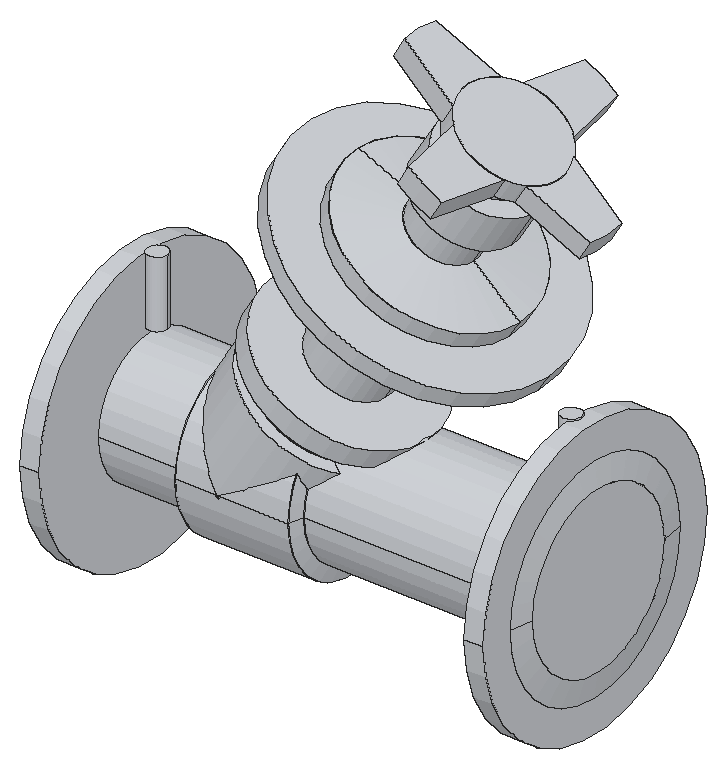
Revit family "224_DN150_40-160_RFA_2018", category Pipe Accessories, Revit 2018
Family settings
  Round Connector Dimension = Use Diameter
  Part Type = Valve - Breaks Into
  Work Plane-Based = No
  Always vertical = Yes
  Cut with Voids When Loaded = No
  Shared = No
Parameters (values of type "224_DN150_(40-160)")
  magiProductId = "96017eba5eec4de2abe05c4d8dc7d1"
  magiProductFamilyId = "cb96b53648234cefb8c956722b95ac"
  magiPartTypeId = 304
  isMeasuringValve [instance] = no
  ang2D [instance] = 0.00°
  Z8 = 26.866 mm
  Z7 = 8.955 mm
  Z6 = 89.552 mm
  Z4 = 44.776 mm
  Z3 = 17.91 mm
  Z2 = 22.388 mm
  Z1 = 89.552 mm
  Y9 = 112.022 mm
  Y8 = 43.927 mm
  X9 = 19.752 mm
  X8 = 30.758 mm
  X5 = 223.38 mm
  X4 = 115.5 mm
  X1 = 19.2 mm
  W2D = 100 mm
  VersionID = "2.0/2018.4.11.4/ZETKAMA_224_001"
  Use Minimum Symbol Size [instance] = yes
  URL = "www.hydronic.cz"
  Type Comments = "přírubový ventil, PN16; -10~+120°C; dpmin=1,5xdpnast;"
  R8 = 53.625 mm
  R7 = 35.75 mm
  R6 = 96.688 mm
  R5 = 142.5 mm
  R4 = 113.75 mm
  R3 = 70.2 mm
  R2 = 108.5 mm
  R12 = 42.75 mm
  R10 = 84 mm
  QmdConnectorList = "301;D;302;D"
  Productdata [instance] = ""
  Manufacturer = "Hydronic Systems Prague s.r.o."
  Maintenance Zone Under Depth [instance] = 440 mm
  Maintenance Zone Right Depth [instance] = 480 mm
  Maintenance Zone Over Depth [instance] = 440 mm
  Maintenance Zone Left Depth [instance] = 480 mm
  Maintenance Zone Front Depth [instance] = 273 mm
  Maintenance Zone Back Depth [instance] = 273 mm
  Maintenance Zone Front Visibility [instance] = no
  MC Product Code = "224 150 7 (DN150; dpnast 40-160kPa; dpmax=250kPa; kvs=200,0kPa)"
  MC Piping Given Pressure Drop [instance] = 0.0 Pa
  LT2 = 240 mm
  L3 = 86.72 mm
  L2D_Min = 3048 mm
  L2D = 350 mm
  H5 = 67.5 mm
  FDT2 = 142.5 mm
  Description = "Regulátor diferenčního tlaku přírubový"
  DT21 = 67.5 mm
  DT2 = 75 mm
  D6 = 90.75 mm
  D5 = 82.5 mm
  D = 150 mm
  Clearance Zone Height Depth [instance] = 440 mm
  Clearance Zone Circular Radius [instance] = 480 mm
  Clearance Zone Visibility [instance] = no
  CAT0 = yes
  ARC2 = 1.728 mm
  ARC1 = 9.698 mm
  ANG = 32.00°
  A2 = 44.513 mm
  A1 = 71.236 mm
Types (10, lengths in mm): name | magiProductId | Z8 | Z7 | Z6 | Z4 | Z3 | Z2 | Z1 | X5 | X4 | X1 | R5 | R3 | R2 | R10 | Maintenance Zone Under Depth | Maintenance Zone Right Depth | Maintenance Zone Over Depth | Maintenance Zone Left Depth | MC Product Code | LT2 | L3 | H5 | FDT2 | DT21 | DT2 | D6 | D5 | D | Clearance Zone Height Depth | Clearance Zone Circular Radius | A2 | A1
  224_DN100_(40-160) | "71f9e553003c40d991c5e352e67284" | 24.389 | 8.13 | 101.622 | 40.649 | 16.26 | 20.324 | 60.973 | 152.2 | 91 | 14 | 110 | 52 | 80.5 | 58 | 405 | 350 | 405 | 350 | "224 100 7 (DN100; dpnast 40-160kPa; dpmax=250kPa; kvs=110,0kPa)" | 175 | 62.8 | 60 | 110 | 50 | 50 | 81.25 | 65 | 100 | 405 | 350 | 32.458 | 51.943
  224_DN100_(20-70) | "5e4de33176c64976a9c157b39996ce" | 24.389 | 8.13 | 101.622 | 40.649 | 16.26 | 20.324 | 60.973 | 152.2 | 91 | 14 | 110 | 52 | 80.5 | 58 | 405 | 350 | 405 | 350 | "224 100 3 (DN100; dpnast 20-70kPa; dpmax=250kPa; kvs=110,0kPa)" | 175 | 62.8 | 60 | 110 | 50 | 50 | 81.25 | 65 | 100 | 405 | 350 | 32.458 | 51.943
  224_DN125_(40-160) | "9beb69b667494b6ab1f54942078ae6" | 25.804 | 8.601 | 107.518 | 43.007 | 17.203 | 21.504 | 64.511 | 166.25 | 113.75 | 16 | 125 | 65 | 95.5 | 71 | 425 | 400 | 425 | 400 | "224 125 7 (DN125; dpnast 40-160kPa; dpmax=250kPa; kvs=169,0kPa)" | 200 | 72 | 62.5 | 125 | 62.5 | 62.5 | 101.562 | 81.25 | 125 | 425 | 400 | 37.094 | 59.363
  224_DN125_(20-70) | "2c85edc695ca465cb63b6911085491" | 25.804 | 8.601 | 107.518 | 43.007 | 17.203 | 21.504 | 64.511 | 166.25 | 113.75 | 16 | 125 | 65 | 95.5 | 71 | 425 | 400 | 425 | 400 | "224 125 3 (DN125; dpnast 20-70kPa; dpmax=250kPa; kvs=169,0kPa)" | 200 | 72 | 62.5 | 125 | 62.5 | 62.5 | 101.562 | 81.25 | 125 | 425 | 400 | 37.094 | 59.363
  224_DN150_(40-160) | "96017eba5eec4de2abe05c4d8dc7d1" | 26.866 | 8.955 | 89.552 | 44.776 | 17.91 | 22.388 | 89.552 | 223.38 | 115.5 | 19.2 | 142.5 | 70.2 | 108.5 | 84 | 440 | 480 | 440 | 480 | "224 150 7 (DN150; dpnast 40-160kPa; dpmax=250kPa; kvs=200,0kPa)" | 240 | 86.72 | 67.5 | 142.5 | 67.5 | 75 | 90.75 | 82.5 | 150 | 440 | 480 | 44.513 | 71.236
  224_DN150_(20-70) | "2dcf3707ec5549d494f72875a03dce" | 26.866 | 8.955 | 89.552 | 44.776 | 17.91 | 22.388 | 89.552 | 223.38 | 115.5 | 19.2 | 142.5 | 70.2 | 108.5 | 84 | 440 | 480 | 440 | 480 | "224 150 3 (DN150; dpnast 20-70kPa; dpmax=250kPa; kvs=200,0kPa)" | 240 | 86.72 | 67.5 | 142.5 | 67.5 | 75 | 90.75 | 82.5 | 150 | 440 | 480 | 44.513 | 71.236
  224_DN065_(40-160) | "7a3227ed888c4b0d8669ae9eb0085d" | 22.974 | 7.658 | 95.726 | 38.29 | 15.316 | 19.145 | 57.436 | 139.89 | 59.15 | 11.6 | 92.5 | 33.8 | 63 | 40.5 | 385 | 290 | 385 | 290 | "224 065 7 (DN65; dpnast 40-160kPa; dpmax=300kPa; kvs=48,4kPa)" | 145 | 51.76 | 60 | 92.5 | 32.5 | 32.5 | 52.812 | 42.25 | 65 | 385 | 290 | 26.893 | 43.038
  224_DN065_(20-70) | "bd269db4002540fe9b2a41f205afd7" | 22.974 | 7.658 | 95.726 | 38.29 | 15.316 | 19.145 | 57.436 | 139.89 | 59.15 | 11.6 | 92.5 | 33.8 | 63 | 40.5 | 385 | 290 | 385 | 290 | "224 065 3 (DN65; dpnast 20-70kPa; dpmax=300kPa; kvs=48,4kPa)" | 145 | 51.76 | 60 | 92.5 | 32.5 | 32.5 | 52.812 | 42.25 | 65 | 385 | 290 | 26.893 | 43.038
  224_DN080_(40-160) | "20b45c03d3cb49e9a44f946d5e2c2d" | 23.328 | 7.776 | 97.2 | 38.88 | 15.552 | 19.44 | 58.32 | 140.96 | 72.8 | 12.4 | 100 | 41.6 | 70.5 | 48 | 390 | 310 | 390 | 310 | "224 080 7 (DN80; dpnast 40-160kPa; dpmax=300kPa; kvs=74,5kPa)" | 155 | 55.44 | 60 | 100 | 40 | 40 | 65 | 52 | 80 | 390 | 310 | 28.748 | 46.007
  224_DN080_(20-70) | "2f63645f7c5342ecbadd0051fa47f2" | 23.328 | 7.776 | 97.2 | 38.88 | 15.552 | 19.44 | 58.32 | 140.96 | 72.8 | 12.4 | 100 | 41.6 | 70.5 | 48 | 390 | 310 | 390 | 310 | "224 080 3 (DN80; dpnast 20-70kPa; dpmax=300kPa; kvs=74,5kPa)" | 155 | 55.44 | 60 | 100 | 40 | 40 | 65 | 52 | 80 | 390 | 310 | 28.748 | 46.007
Reference planes
  plane 1 "Center (Front/Back)": y = 0
  plane 2 "XYPLANE": z = 0
  plane 3 "Center (Left/Right)": x = 0
  plane 4 "274": z = -440
  plane 5 "273": z = 440
  plane 6 "272": x = -480
  plane 7 "271": x = 480
  plane 8 "270": y = 273
  plane 9 "269": y = -273
  plane 10 "202": x = 211.8
  plane 11 "201": z = 75
  plane 12 "199": x = -209.8
  plane 13 "196": x = -6.58
  plane 14 "195": x = -10.58
  plane 15 "186": x = -126.08
  plane 16 "185": x = -130.08
  plane 17 "157": through (-517.259, 0, 587.523) normal (0.5299, 0, 0.848)
  plane 18 "123": y = -19.752
  plane 19 "122": y = -30.758
  plane 20 "120": y = 19.752
  plane 21 "119": y = 30.758
  plane 22 "118": through (242.028, 0, 733.148) normal (0.848, 0, -0.5299)
  plane 23 "117": through (374.28, 0, 650.508) normal (0.848, 0, -0.5299)
  plane 24 "116": through (432.028, 0, 614.423) normal (0.848, 0, -0.5299)
  plane 25 "115": through (299.776, 0, 697.063) normal (0.848, 0, -0.5299)
  plane 26 "113": y = -43.927
  plane 27 "112": y = -112.022
  plane 28 "110": through (363.112, 0, 657.486) normal (0.848, 0, -0.5299)
  plane 29 "108": through (320.277, 0, 684.253) normal (0.848, 0, -0.5299)
  plane 30 "107": through (310.944, 0, 690.085) normal (0.848, 0, -0.5299)
  plane 31 "106": through (353.779, 0, 663.318) normal (0.848, 0, -0.5299)
  plane 32 "105": y = 112.022
  plane 33 "104": y = 43.927
  plane 34 "99": through (-434.212, 0, 720.426) normal (0.5299, 0, 0.848)
  plane 35 "96": through (-446.076, 0, 701.44) normal (0.5299, 0, 0.848)
  plane 36 "91": through (-469.803, 0, 663.467) normal (0.5299, 0, 0.848)
  plane 37 "87": through (-493.531, 0, 625.495) normal (0.5299, 0, 0.848)
  plane 38 "84": through (-498.277, 0, 617.901) normal (0.5299, 0, 0.848)
  plane 39 "82": through (-507.768, 0, 602.712) normal (0.5299, 0, 0.848)
  plane 40 "75": through (-526.75, 0, 572.334) normal (0.5299, 0, 0.848)
  plane 41 "74": through (-540.986, 0, 549.551) normal (0.5299, 0, 0.848)
  plane 42 "41": through (-588.442, 0, 473.607) normal (0.5299, 0, 0.848)
  plane 43 "37": through (-600.305, 0, 454.621) normal (0.5299, 0, 0.848)
  plane 44 "34": through (-612.169, 0, 435.634) normal (0.5299, 0, 0.848)
  plane 45 "30": through (-659.624, 0, 359.69) normal (0.5299, 0, 0.848)
  plane 46 "28": y = 0
  plane 47 "27": through (337.028, 0, 673.785) normal (0.848, 0, -0.5299)
  plane 48 "24": x = 236
  plane 49 "23": x = 216.8
  plane 50 "15": x = -216.8
  plane 51 "11": x = -236
  plane 52 "6": x = 240
  plane 53 "5": x = -240
  plane 54 "3": z = 0
  plane 55 "2": y = 0
  plane 56 "1": x = 0
  plane 57 "25XY": through (-636.036, 0, 397.439) normal (0.5299, 0, 0.848)
  plane 58 "25XZ": y = 0
  plane 59 "25YZ": through (397.439, 0, 636.036) normal (0.848, 0, -0.5299)
Forms (mm)
  Blend 1, solid, visible <- "CAT0"
    base sketch origin (-540.986, 0, 549.551) x (0.848048, 0, -0.529919) y (0, 1, 0)
      loop
        circle (678.764, 0) r 42.75
    top sketch origin (-540.986, 0, 549.551) x (0.848048, 0, -0.529919) y (0, 1, 0)
      loop
        circle (678.764, 0) r 113.75
    from 0 to 26.866
  Blend 2, solid, visible <- "Maintenance Zone Front Visibility"
    base sketch origin (-750, 0, 440) x (1, 0, 0) y (0, 1, 0)
      loop
        line (270, 273) -> (270, -273) -> (1230, -273) -> (1230, 273) -> (270, 273)
    top sketch origin (-750, 0, 440) x (1, 0, 0) y (0, 1, 0)
      loop
        line (270, 273) -> (270, -273) -> (1230, -273) -> (1230, 273) -> (270, 273)
    from 0 to -880
  Extrusion 3, solid, visible <- "Clearance Zone Visibility"
    sketch origin (-750, 0, 0) x (1, 0, 0) y (0, 1, 0)
      loop
        circle (750, 0) r 480
    from 0 to 440 <- "Clearance Zone Height Depth"
  Extrusion 4, solid, visible <- "CAT0"
    sketch origin (-588.442, 0, 473.607) x (0.848048, 0, -0.529919) y (0, 1, 0)
      loop
        circle (678.764, 0) r 42.75
    from 0 to 89.552 <- "Z6"
  Extrusion 5, solid
    sketch origin (-750, 0, 75) x (1, 0, 0) y (0, 1, 0)
      loop
        circle (961.8, 0) r 10
    from 0 to 67.5 <- "H5"
  Extrusion 6, solid
    sketch origin (-750, 0, 75) x (1, 0, 0) y (0, 1, 0)
      loop
        circle (540.2, 0) r 10
    from 0 to 67.5 <- "H5"
  Extrusion 7, solid
    sketch origin (-6.58, -750, 0) x (0, 1, 0) y (0, 0, 1)
      loop
        circle (750, 0) r 67.5
    from 0 to 223.38 <- "X5"
  Blend 8, solid
    base sketch origin (-6.58, -750, 0) x (0, 1, 0) y (0, 0, 1)
      loop
        circle (750, 0) r 67.5
    top sketch origin (-6.58, -750, 0) x (0, 1, 0) y (0, 0, 1)
      loop
        circle (750, 0) r 82.5
    from 0 to -4
  Extrusion 9, solid
    sketch origin (-126.08, -750, 0) x (0, 1, 0) y (0, 0, 1)
      loop
        circle (750, 0) r 82.5
    from 0 to 115.5 <- "X4"
  Blend 10, solid
    base sketch origin (-130.08, -750, 0) x (0, 1, 0) y (0, 0, 1)
      loop
        circle (750, 0) r 67.5
    top sketch origin (-130.08, -750, 0) x (0, 1, 0) y (0, 0, 1)
      loop
        circle (750, 0) r 82.5
    from 0 to 4
  Extrusion 11, solid
    sketch origin (-659.624, 0, 359.69) x (0.848048, 0, -0.529919) y (0, 1, 0)
      loop
        circle (678.764, 0) r 82.5
    from 0 to 89.552 <- "Z1"
  Extrusion 12, solid
    sketch origin (-526.75, 0, 572.334) x (0.848048, 0, -0.529919) y (0, 1, 0)
      loop
        circle (678.764, 0) r 113.75
    from 0 to 17.91 <- "Z3"
  Extrusion 13, solid
    sketch origin (-434.212, 0, 720.426) x (0.848048, 0, -0.529919) y (0, 1, 0)
      loop
        line (722.691, -30.758) -> (790.786, -19.752)
        arc (790.786, -19.752) -> (792.514, 0) -> (790.786, 19.752) r 113.75
        line (790.786, 19.752) -> (722.691, 30.758)
        arc (722.691, 30.758) -> (732.389, 0) -> (722.691, -30.758) r 53.625
    from 0 to 22.388 <- "Z2"
  Extrusion 14, solid
    sketch origin (-434.212, 0, 720.426) x (0.848048, 0, -0.529919) y (0, 1, 0)
      loop
        line (634.837, 30.758) -> (566.742, 19.752)
        arc (566.742, 19.752) -> (565.014, 0) -> (566.742, -19.752) r 113.75
        line (566.742, -19.752) -> (634.837, -30.758)
        arc (634.837, -30.758) -> (625.139, 0) -> (634.837, 30.758) r 53.625
    from 0 to 22.388 <- "Z2"
  Extrusion 15, solid
    sketch origin (-434.212, 0, 720.426) x (0.848048, 0, -0.529919) y (0, 1, 0)
      loop
        line (648.006, -43.927) -> (659.011, -112.022)
        arc (659.011, -112.022) -> (678.764, -113.75) -> (698.516, -112.022) r 113.75
        line (698.516, -112.022) -> (709.522, -43.927)
        arc (709.522, -43.927) -> (678.764, -53.625) -> (648.006, -43.927) r 53.625
    from 0 to 22.388 <- "Z2"
  Extrusion 16, solid
    sketch origin (-434.212, 0, 720.426) x (0.848048, 0, -0.529919) y (0, 1, 0)
      loop
        line (709.522, 43.927) -> (698.516, 112.022)
        arc (698.516, 112.022) -> (678.764, 113.75) -> (659.011, 112.022) r 113.75
        line (659.011, 112.022) -> (648.006, 43.927)
        arc (648.006, 43.927) -> (678.764, 53.625) -> (709.522, 43.927) r 53.625
    from 0 to 22.388 <- "Z2"
  Extrusion 17, solid
    sketch origin (-434.212, 0, 720.426) x (0.848048, 0, -0.529919) y (0, 1, 0)
      loop
        circle (678.764, 0) r 53.625
    from 0 to 22.388 <- "Z2"
  Extrusion 18, solid
    sketch origin (-446.076, 0, 701.44) x (0.848048, 0, -0.529919) y (0, 1, 0)
      loop
        circle (678.764, 0) r 35.75
    from 0 to 22.388 <- "Z2"
  Extrusion 19, solid
    sketch origin (-469.803, 0, 663.467) x (0.848048, 0, -0.529919) y (0, 1, 0)
      loop
        circle (678.764, 0) r 53.625
    from 0 to 44.776 <- "Z4"
  Extrusion 20, solid
    sketch origin (-493.531, 0, 625.495) x (0.848048, 0, -0.529919) y (0, 1, 0)
      loop
        circle (678.764, 0) r 35.75
    from 0 to 44.776 <- "Z4"
  Blend 21, solid
    base sketch origin (-498.277, 0, 617.901) x (0.848048, 0, -0.529919) y (0, 1, 0)
      loop
        circle (678.764, 0) r 96.688
    top sketch origin (-498.277, 0, 617.901) x (0.848048, 0, -0.529919) y (0, 1, 0)
      loop
        circle (678.764, 0) r 35.75
    from 0 to 8.955
  Extrusion 22, solid
    sketch origin (-507.768, 0, 602.712) x (0.848048, 0, -0.529919) y (0, 1, 0)
      loop
        circle (678.764, 0) r 96.688
    from 0 to 17.91 <- "Z3"
  Extrusion 23, solid
    sketch origin (-517.259, 0, 587.523) x (0.848048, 0, -0.529919) y (0, 1, 0)
      loop
        circle (678.764, 0) r 142.5
    from 0 to 17.91 <- "Z3"
  Extrusion 24, solid
    sketch origin (-600.305, 0, 454.621) x (0.848048, 0, -0.529919) y (0, 1, 0)
      loop
        circle (678.764, 0) r 90.75
    from 0 to 22.388 <- "Z2"
  Extrusion 25, solid
    sketch origin (-612.169, 0, 435.634) x (0.848048, 0, -0.529919) y (0, 1, 0)
      loop
        circle (678.764, 0) r 70.2
    from 0 to 22.388 <- "Z2"
  Blend 26, solid
    base sketch origin (236, -750, 0) x (0, 1, 0) y (0, 0, 1)
      loop
        circle (750, 0) r 108.5
    top sketch origin (236, -750, 0) x (0, 1, 0) y (0, 0, 1)
      loop
        circle (750, 0) r 84
    from 0 to 4
  Extrusion 27, solid
    sketch origin (216.8, -750, 0) x (0, 1, 0) y (0, 0, 1)
      loop
        circle (750, 0) r 142.5
    from 0 to 19.2 <- "X1"
  Extrusion 28, solid
    sketch origin (-216.8, -750, 0) x (0, 1, 0) y (0, 0, 1)
      loop
        circle (750, 0) r 67.5
    from 0 to 86.72 <- "L3"
  Extrusion 29, solid
    sketch origin (-236, -750, 0) x (0, 1, 0) y (0, 0, 1)
      loop
        circle (750, 0) r 142.5
    from 0 to 19.2 <- "X1"
  Blend 30, solid
    base sketch origin (-240, -750, 0) x (0, 1, 0) y (0, 0, 1)
      loop
        circle (750, 0) r 84
    top sketch origin (-240, -750, 0) x (0, 1, 0) y (0, 0, 1)
      loop
        circle (750, 0) r 108.5
    from 0 to 4
  Extrusion 31, solid, not visible
    sketch origin (240, -750, 0) x (0, 1, 0) y (0, 0, 1)
      loop
        circle (750, 0) r 10
    from 0 to -10
  Extrusion 32, solid, not visible
    sketch origin (-240, -750, 0) x (0, 1, 0) y (0, 0, 1)
      loop
        circle (750, 0) r 10
    from 0 to 10
Lines and regions (mm)
  reference lines, not visible
    curve 1: circle (-9.38, 2, 0) r 1 normal (0, 0, 1)
  reference lines
    curve 2: line (178.665, -30.758, 337.458) -> (178.665, 30.758, 337.458)
    curve 3: line (236.413, 19.752, 301.373) -> (236.413, -19.752, 301.373)
    curve 4: line (104.16, 30.758, 384.013) -> (104.16, -30.758, 384.013)
    curve 5: line (46.413, -19.752, 420.098) -> (46.413, 19.752, 420.098)
    curve 6: line (115.328, -43.927, 377.035) -> (167.497, -43.927, 344.436)
    curve 7: line (158.164, -112.022, 350.268) -> (124.662, -112.022, 371.203)
    curve 8: line (167.497, 43.927, 344.436) -> (115.328, 43.927, 377.035)
    curve 9: line (124.662, 112.022, 371.203) -> (158.164, 112.022, 350.268)
Dimensions and locks
  plane 1 "Center (Front/Back)" to curve 1 = 2 mm
  "Maintenance Zone Under Depth": plane 2 "XYPLANE" to plane 4 "274"
  "Maintenance Zone Over Depth": plane 2 "XYPLANE" to plane 5 "273"
  "Maintenance Zone Left Depth": plane 3 "Center (Left/Right)" to plane 6 "272"
  "Maintenance Zone Right Depth": plane 3 "Center (Left/Right)" to plane 7 "271"
  "Maintenance Zone Back Depth": plane 1 "Center (Front/Back)" to plane 8 "270"
  "Maintenance Zone Front Depth": plane 1 "Center (Front/Back)" to plane 9 "269"
  locked: plane 49 "23" to plane 10 "202" at 5
  "DT2": plane 2 "XYPLANE" to plane 11 "201"
  locked: plane 50 "15" to plane 12 "199" at 7
  locked: plane 14 "195" to plane 13 "196" at 4
  "X4": plane 15 "186" to plane 14 "195"
  locked: plane 16 "185" to plane 15 "186" at 4
  "L3": plane 50 "15" to plane 16 "185"
  "Z3": plane 40 "75" to plane 17 "157"
  "X9": plane 55 "2" to plane 18 "123"
  "X8": plane 55 "2" to plane 19 "122"
  "X9": plane 55 "2" to plane 20 "120"
  "X8": plane 55 "2" to plane 21 "119"
  "Y9": plane 47 "27" to plane 22 "118"
  "Y8": plane 47 "27" to plane 23 "117"
  "Y9": plane 47 "27" to plane 24 "116"
  "Y8": plane 47 "27" to plane 25 "115"
  "Y8": plane 55 "2" to plane 26 "113"
  "Y9": plane 55 "2" to plane 27 "112"
  "X8": plane 47 "27" to plane 28 "110"
  "X9": plane 47 "27" to plane 29 "108"
  "X8": plane 47 "27" to plane 30 "107"
  "X9": plane 47 "27" to plane 31 "106"
  "Y9": plane 55 "2" to plane 32 "105"
  "Y8": plane 55 "2" to plane 33 "104"
  "Z2": plane 35 "96" to plane 34 "99"
  "Z4": plane 36 "91" to plane 35 "96"
  "Z4": plane 37 "87" to plane 36 "91"
  "Z7": plane 38 "84" to plane 37 "87"
  "Z3": plane 39 "82" to plane 38 "84"
  "Z3": plane 17 "157" to plane 39 "82"
  "Z8": plane 41 "74" to plane 40 "75"
  "Z6": plane 42 "41" to plane 41 "74"
  "Z2": plane 43 "37" to plane 42 "41"
  "Z2": plane 44 "34" to plane 43 "37"
  "Z1": plane 45 "30" to plane 44 "34"
  "A2": plane 57 "25XY" to plane 45 "30"
  locked: plane 55 "2" to plane 46 "28"
  "A1": plane 59 "25YZ" to plane 47 "27"
  "X1": plane 49 "23" to plane 48 "24"
  "X5": plane 13 "196" to plane 49 "23"
  "X1": plane 51 "11" to plane 50 "15"
  locked: plane 53 "5" to plane 51 "11" at 4
  "LT2": plane 3 "Center (Left/Right)" to plane 52 "6"
  "LT2": plane 3 "Center (Left/Right)" to plane 53 "5"
  locked: plane 2 "XYPLANE" to plane 54 "3"
  locked: plane 1 "Center (Front/Back)" to plane 55 "2"
  locked: plane 3 "Center (Left/Right)" to plane 56 "1"
  Blend 2 sketch curve to Blend 2 sketch curve = 0 mm  (x16)
  "ARC1": curve 2 to Extrusion 13 sketch curve
  "ARC2": curve 3 to Extrusion 13 sketch curve
  Extrusion 13 sketch curve to Extrusion 13 sketch curve = 0 mm  (x8)
  "ARC1": curve 4 to Extrusion 14 sketch curve
  "ARC2": curve 5 to Extrusion 14 sketch curve
  Extrusion 14 sketch curve to Extrusion 14 sketch curve = 0 mm  (x8)
  "ARC1": curve 6 to Extrusion 15 sketch curve
  "ARC2": curve 7 to Extrusion 15 sketch curve
  Extrusion 15 sketch curve to Extrusion 15 sketch curve = 0 mm  (x8)
  "ARC1": curve 8 to Extrusion 16 sketch curve
  "ARC2": curve 9 to Extrusion 16 sketch curve
  Extrusion 16 sketch curve to Extrusion 16 sketch curve = 0 mm  (x8)
  "R4": radius of Blend 1 sketch curve
  "R12": radius of Blend 1 sketch curve
  "Clearance Zone Circular Radius": radius of Extrusion 3 sketch curve
  "R12": radius of Extrusion 4 sketch curve
  "DT21": radius of Extrusion 7 sketch curve
  "D5": radius of Blend 8 sketch curve
  "DT21": radius of Blend 8 sketch curve
  "D5": radius of Extrusion 9 sketch curve
  "D5": radius of Blend 10 sketch curve
  "DT21": radius of Blend 10 sketch curve
  "D5": radius of Extrusion 11 sketch curve
  "R4": radius of Extrusion 12 sketch curve
  "R8": radius of Extrusion 17 sketch curve
  "R7": radius of Extrusion 18 sketch curve
  "R8": radius of Extrusion 19 sketch curve
  "R7": radius of Extrusion 20 sketch curve
  "R7": radius of Blend 21 sketch curve
  "R6": radius of Blend 21 sketch curve
  "R6": radius of Extrusion 22 sketch curve
  "R5": radius of Extrusion 23 sketch curve
  "D6": radius of Extrusion 24 sketch curve
  "R3": radius of Extrusion 25 sketch curve
  "R10": radius of Blend 26 sketch curve
  "R2": radius of Blend 26 sketch curve
  "FDT2": radius of Extrusion 27 sketch curve
  "DT21": radius of Extrusion 28 sketch curve
  "FDT2": radius of Extrusion 29 sketch curve
  "R2": radius of Blend 30 sketch curve
  "R10": radius of Blend 30 sketch curve
  aligned and locked: level to plane 2 "XYPLANE"
  aligned and locked: plane 46 "28" to Blend 1 sketch curve  (x2)
  aligned and locked: Blend 1 sketch curve to plane 47 "27"  (x2)
  aligned and locked: plane 40 "75" to Blend 1
  aligned and locked: Blend 2 sketch curve to plane 6 "272"  (x2)
  aligned and locked: plane 8 "270" to Blend 2 sketch curve  (x4)
  aligned and locked: plane 9 "269" to Blend 2 sketch curve  (x4)
  aligned and locked: plane 6 "272" to Blend 2 sketch curve  (x2)
  aligned and locked: plane 7 "271" to Blend 2 sketch curve  (x4)
  aligned and locked: Blend 2 to plane 4 "274"
  aligned and locked: plane 55 "2" to Extrusion 3 sketch curve
  aligned and locked: plane 56 "1" to Extrusion 3 sketch curve
  aligned and locked: plane 46 "28" to Extrusion 4 sketch curve
  aligned and locked: Extrusion 4 sketch curve to plane 47 "27"
  aligned and locked: plane 10 "202" to Extrusion 5 sketch curve
  aligned and locked: plane 55 "2" to Extrusion 5 sketch curve
  aligned and locked: plane 12 "199" to Extrusion 6 sketch curve
  aligned and locked: plane 55 "2" to Extrusion 6 sketch curve
  aligned and locked: plane 54 "3" to Extrusion 7 sketch curve
  aligned and locked: Extrusion 7 sketch curve to plane 55 "2"
  aligned and locked: plane 54 "3" to Blend 8 sketch curve  (x2)
  aligned and locked: Blend 8 sketch curve to plane 55 "2"  (x2)
  aligned and locked: Blend 8 to plane 14 "195"
  aligned and locked: plane 54 "3" to Extrusion 9 sketch curve
  aligned and locked: Extrusion 9 sketch curve to plane 55 "2"
  aligned and locked: plane 54 "3" to Blend 10 sketch curve  (x2)
  aligned and locked: Blend 10 sketch curve to plane 55 "2"  (x2)
  aligned and locked: plane 15 "186" to Blend 10
  aligned and locked: plane 46 "28" to Extrusion 11 sketch curve
  aligned and locked: Extrusion 11 sketch curve to plane 47 "27"
  aligned and locked: plane 46 "28" to Extrusion 12 sketch curve
  aligned and locked: Extrusion 12 sketch curve to plane 47 "27"
  aligned and locked: curve 2 to plane 23 "117"
  aligned and locked: plane 19 "122" to curve 2
  aligned and locked: plane 21 "119" to curve 2
  aligned and locked: plane 21 "119" to Extrusion 13 sketch curve
  aligned and locked: plane 23 "117" to Extrusion 13 sketch curve
  aligned and locked: plane 20 "120" to Extrusion 13 sketch curve
  aligned and locked: plane 24 "116" to Extrusion 13 sketch curve
  aligned and locked: curve 3 to plane 24 "116"
  aligned and locked: plane 20 "120" to curve 3
  aligned and locked: plane 18 "123" to curve 3
  aligned and locked: plane 18 "123" to Extrusion 13 sketch curve
  aligned and locked: Extrusion 13 sketch curve to plane 24 "116"
  aligned and locked: plane 19 "122" to Extrusion 13 sketch curve
  aligned and locked: Extrusion 13 sketch curve to plane 23 "117"
  aligned and locked: curve 4 to plane 25 "115"
  aligned and locked: plane 21 "119" to curve 4
  aligned and locked: plane 19 "122" to curve 4
  aligned and locked: plane 19 "122" to Extrusion 14 sketch curve
  aligned and locked: Extrusion 14 sketch curve to plane 25 "115"
  aligned and locked: plane 18 "123" to Extrusion 14 sketch curve
  aligned and locked: Extrusion 14 sketch curve to plane 22 "118"
  aligned and locked: curve 5 to plane 22 "118"
  aligned and locked: plane 18 "123" to curve 5
  aligned and locked: plane 20 "120" to curve 5
  aligned and locked: plane 20 "120" to Extrusion 14 sketch curve
  aligned and locked: plane 22 "118" to Extrusion 14 sketch curve
  aligned and locked: plane 21 "119" to Extrusion 14 sketch curve
  aligned and locked: plane 25 "115" to Extrusion 14 sketch curve
  aligned and locked: curve 6 to plane 26 "113"
  aligned and locked: curve 6 to plane 30 "107"
  aligned and locked: curve 6 to plane 28 "110"
  aligned and locked: plane 26 "113" to Extrusion 15 sketch curve  (x2)
  aligned and locked: Extrusion 15 sketch curve to plane 28 "110"
  aligned and locked: plane 27 "112" to Extrusion 15 sketch curve  (x2)
  aligned and locked: Extrusion 15 sketch curve to plane 31 "106"
  aligned and locked: plane 27 "112" to curve 7
  aligned and locked: curve 7 to plane 31 "106"
  aligned and locked: curve 7 to plane 29 "108"
  aligned and locked: Extrusion 15 sketch curve to plane 29 "108"
  aligned and locked: Extrusion 15 sketch curve to plane 30 "107"
  aligned and locked: plane 33 "104" to curve 8
  aligned and locked: plane 28 "110" to curve 8
  aligned and locked: plane 30 "107" to curve 8
  aligned and locked: plane 30 "107" to Extrusion 16 sketch curve
  aligned and locked: plane 33 "104" to Extrusion 16 sketch curve  (x2)
  aligned and locked: plane 29 "108" to Extrusion 16 sketch curve
  aligned and locked: plane 32 "105" to Extrusion 16 sketch curve  (x2)
  aligned and locked: curve 9 to plane 32 "105"
  aligned and locked: plane 29 "108" to curve 9
  aligned and locked: plane 31 "106" to curve 9
  aligned and locked: plane 31 "106" to Extrusion 16 sketch curve
  aligned and locked: plane 28 "110" to Extrusion 16 sketch curve
  aligned and locked: plane 46 "28" to Extrusion 17 sketch curve
  aligned and locked: Extrusion 17 sketch curve to plane 47 "27"
  aligned and locked: plane 46 "28" to Extrusion 18 sketch curve
  aligned and locked: Extrusion 18 sketch curve to plane 47 "27"
  aligned and locked: plane 46 "28" to Extrusion 19 sketch curve
  aligned and locked: Extrusion 19 sketch curve to plane 47 "27"
  aligned and locked: plane 46 "28" to Extrusion 20 sketch curve
  aligned and locked: Extrusion 20 sketch curve to plane 47 "27"
  aligned and locked: plane 46 "28" to Blend 21 sketch curve  (x2)
  aligned and locked: Blend 21 sketch curve to plane 47 "27"  (x2)
  aligned and locked: plane 37 "87" to Blend 21
  aligned and locked: plane 46 "28" to Extrusion 22 sketch curve
  aligned and locked: Extrusion 22 sketch curve to plane 47 "27"
  aligned and locked: plane 46 "28" to Extrusion 23 sketch curve
  aligned and locked: Extrusion 23 sketch curve to plane 47 "27"
  aligned and locked: plane 46 "28" to Extrusion 24 sketch curve
  aligned and locked: Extrusion 24 sketch curve to plane 47 "27"
  aligned and locked: plane 46 "28" to Extrusion 25 sketch curve
  aligned and locked: Extrusion 25 sketch curve to plane 47 "27"
  aligned and locked: plane 54 "3" to Blend 26 sketch curve  (x2)
  aligned and locked: Blend 26 sketch curve to plane 55 "2"  (x2)
  aligned and locked: plane 52 "6" to Blend 26
  aligned and locked: plane 54 "3" to Extrusion 27 sketch curve
  aligned and locked: Extrusion 27 sketch curve to plane 55 "2"
  aligned and locked: plane 54 "3" to Extrusion 28 sketch curve
  aligned and locked: Extrusion 28 sketch curve to plane 55 "2"
  aligned and locked: plane 54 "3" to Extrusion 29 sketch curve
  aligned and locked: Extrusion 29 sketch curve to plane 55 "2"
  aligned and locked: plane 54 "3" to Blend 30 sketch curve  (x2)
  aligned and locked: Blend 30 sketch curve to plane 55 "2"  (x2)
  aligned and locked: plane 51 "11" to Blend 30
  aligned and locked: plane 54 "3" to Extrusion 31 sketch curve
  aligned and locked: Extrusion 31 sketch curve to plane 55 "2"
  aligned and locked: plane 54 "3" to Extrusion 32 sketch curve
  aligned and locked: Extrusion 32 sketch curve to plane 55 "2"
Automatic sketch dimensions
  Extrusion 5 sketch curve to Extrusion 5 sketch curve = 10 mm
  Extrusion 6 sketch curve to plane 50 "15" = 3 mm
  plane 18 "123" to Extrusion 31 sketch curve = 9.752 mm
  plane 18 "123" to Extrusion 32 sketch curve = 9.752 mm
  plane 14 "195" to curve 1 = 1.2 mm
  radius of curve 1 = 1 mm
Connectors
  piping at (-240, 0, 0), diameter 150, driven by "D"
    settings: on Extrusion 32, index 1, connector inside diameter 609.6 mm, connector length 0 mm, flow factor 0, pipe flow 0.0 L/s, pressure drop 0.0 Pa, fitting loss kfactor 0, connector angle 0.00°, fixture units 0, engagement length 0 mm, angle of deflection 0.00°, flow configuration 0, flow direction 0, fitting loss method 0, system type 29, joint type 0, gender type 0, connector reference index 2, connector utility 0, adjustable connector no, is connector primary yes, connector description ""
  piping at (240, 0, 0), diameter 150, driven by "D"
    settings: on Extrusion 31, index 2, connector inside diameter 609.6 mm, connector length 0 mm, flow factor 0, pipe flow 0.0 L/s, pressure drop 0.0 Pa, fitting loss kfactor 0, connector angle 0.00°, fixture units 0, engagement length 0 mm, angle of deflection 0.00°, flow configuration 0, flow direction 0, fitting loss method 0, system type 29, joint type 0, gender type 0, connector reference index 1, connector utility 0, adjustable connector no, is connector primary no, connector description ""
